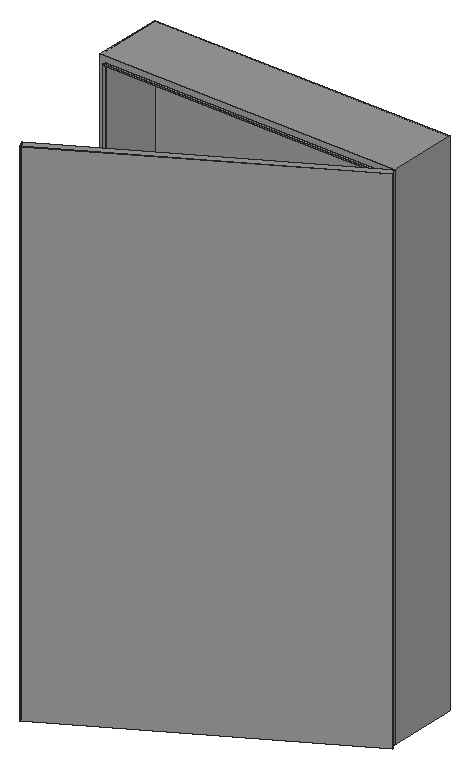
Revit family "Hager-Univers-IP44-D205-H1400-Cl.I-Encl-NoHosted-SE-en", category Equipement électrique, Revit 2020
Family settings
  Configuration du panneau = Deux colonnes, circuits au sein
  Cote de connecteur circulaire = Utiliser le diamètre
  Type d'élément = Tableau de raccordement
  Basée sur le plan de construction = Oui
  Toujours verticalement = Oui
  Couper avec des vides une fois chargée = Non
  Partagée = Non
  Point de calcul de pièce = Non
Parameters (values of type "Surface mounted (plaster) IP44 W800 H1400 D205  - FP93TN2")
  Width Control [instance] = if([EF000008 - Width] > Min Width, [EF000008 - Width], Min Width)  # 800 mm
  Commentaires du type = [HG000003 - Range]  # "Univers"
  Thickness Door [instance] = if([EF009171 - Material plate thickness door/cover] > 3 mm, 3 mm, [EF009171 - Material plate thickness door/cover])  # 1 mm
  Seal Frame Offset [instance] = 17 mm  # constant formula
  Plinth Visibility [instance] = [HG000027 - Plinth height] > 0 mm  # no
  Min Width [instance] = 100 mm  # constant formula
  Min Depth [instance] = (2 * [EF009170 - Material plate thickness cabinet]) + 1 mm  # 3 mm
  Min Height [instance] = 100 mm  # constant formula
  Internal Frame Depth [instance] = (Door System Depth * 0.5)  # 9 mm
  Panel Name [instance] = ""  # (empty or 0)
  Model = ""
  HG000027 - Plinth height = 0 mm
  HG000026 - Floor standing = no
  HG000024 - Bottom section height = 600 mm
  HG000023 - Double section enclosure = no
  HG000016 - Door 3d visibility [instance] = yes
  HG000015 - Clearance visibility [instance] = no
  HG000014 - Door on the right [instance] = yes
  HG000013 - Door on the left [instance] = not([HG000014 - Door on the right])  # no
  HG000012 - Door swing angle [instance] = 30.00°
  HG000010 - Asymmetric doors = no
  HG000009 - Double swing door = no
  HG000006 - Flush mounted = no
  HG000004 - Manufacturer reference = "FP93TN2"
  HG000003 - Range = "Univers"
  HG000002 - With door or cover = yes
  Frame Offset Bottom [instance] = 10 mm  # constant formula
  Frame Offset [instance] = 15 mm  # constant formula
  EF015940 - Cover with overpressure release = no
  EF011959 - Degree of protection (NEMA) = ""
  EF009554 - Number of openings for flange plates = 6
  EF009212 - Cover model = "EV000116 - Closed"
  EF009171 - Material plate thickness door/cover = 1 mm
  EF009170 - Material plate thickness cabinet = 1 mm
  EF008873 - Nominal current (In) = 250 A
  EF007800 - Suitable for lightning protection = no
  EF006306 - With lock = no
  EF006244 - Transparent cover/door = no
  EF005474 - Degree of protection (IP) = "EV006418 - IP44"
  EF004464 - Type of door = "EV002646 - Single"
  EF004427 - Number of modules = 324
  EF004293 - Impact strength = "EV006815 - IK09"
  EF003532 - Suitable for outdoor use = no
  EF002950 - Width in number of modular spacings = 36
  EF001613 - Circuit integrity = "EV000494 - None"
  EF001596 - Material housing = "EV000179 - Steel"
  EF001131 - Internal depth = 130 mm
  EF001088 - Extension possible = yes
  EF000437 - Number of conduit inlets = 6
  EF000339 - Type of cover = "EV001012 - Cover"
  EF000266 - Number of rows = 9
  EF000218 - Built-in depth = 205 mm
  EF000118 - With mounting plate = no
  EF000116 - RAL-number = "9010"
  EF000049 - Depth = 205 mm
  EF000040 - Height = 1400 mm
  EF000008 - Width = 800 mm
  EF000007 - Colour = "EV000202 - White"
  EF000003 - Mounting method = "EV000384 - Surface mounted (plaster)"
  Door System Leaf Tolerance [instance] = 1.5 mm  # constant formula
  Door System Depth [instance] = 18 mm  # constant formula
  Door Height [instance] = Height Control - [HG000027 - Plinth height]  # 1400 mm
  Description = ""
  Default Elevation = 1219.2 mm
  Connector Offset [instance] = Height Control / 2  # 700 mm
  Fabricant = "Hager"  # constant formula
  Height Control [instance] = if([EF000040 - Height] > Min Height, [EF000040 - Height], Min Height)  # 1400 mm
  Depth Control [instance] = if([EF000049 - Depth] > Min Depth, [EF000049 - Depth], Min Depth)  # 205 mm
  Bottom Top Plate Trim [instance] = 1.5 mm  # constant formula
  Plinth height Ctrl [instance] = if([HG000027 - Plinth height] > 0 mm, [HG000027 - Plinth height], 12 mm)  # 12 mm
Types (5, lengths in mm): name | Width Control | HG000010 - Asymmetric doors | HG000009 - Double swing door | HG000004 - Manufacturer reference | EF009554 - Number of openings for flange plates | EF004464 - Type of door | EF004427 - Number of modules | EF002950 - Width in number of modular spacings | EF000437 - Number of conduit inlets | EF000008 - Width
  Surface mounted (plaster) IP44 W1050 H1400 D205  - FP94TN2 | 1050 | no | yes | "FP94TN2" | 8 | "EV003602 - Double" | 432 | 48 | 8 | 1050
  Surface mounted (plaster) IP44 W1300 H1400 D205  - FP95TN2 | 1300 | yes | yes | "FP95TN2" | 10 | "EV003602 - Double" | 540 | 60 | 10 | 1300
  Surface mounted (plaster) IP44 W300 H1400 D205  - FP91TN2 | 300 | no | no | "FP91TN2" | 2 | "EV002646 - Single" | 108 | 12 | 2 | 300
  Surface mounted (plaster) IP44 W550 H1400 D205  - FP92TN2 | 550 | no | no | "FP92TN2" | 4 | "EV002646 - Single" | 216 | 24 | 4 | 550
  Surface mounted (plaster) IP44 W800 H1400 D205  - FP93TN2 | 800 | no | no | "FP93TN2" | 6 | "EV002646 - Single" | 324 | 36 | 6 | 800
Reference planes
  plane 1 "Center (Front/Back)": y = 0
  plane 2: z = 0
  plane 3 "Center (Left/Right)": x = 0
  plane 4: y = 0
  plane 5: y = 0
  plane 6: z = 0
  plane 7: x = -400
  plane 8: x = 400
  plane 9: x = 399
  plane 10: x = -399
  plane 11: z = 0
  plane 12: z = 1
  plane 13: y = -205
  plane 14: y = -1
  plane 15: x = 0
  plane 16: y = -187
  plane 17: y = -204
  plane 18: y = -186
  plane 19: x = -384
  plane 20: x = 384
  plane 21: z = 11
  plane 22: x = -383
  plane 23: x = 383
  plane 24: z = 0
  plane 25: z = 1400
  plane 26: z = 1400
  plane 27: z = 1384
  plane 28: z = 1399
Forms (mm)
  Extrusion 1, solid, material "Hager_Steel_RAL7035_Light_Grey", detail levels medium+fine
    sketch origin (-208.679, -4572, 0) x (-1, 0, 0) y (0, -1, 0)
      loop
        line (191.321, -4385) -> (-608.679, -4385) -> (-608.679, -4572) -> (191.321, -4572) -> (191.321, -4385)
    from 0 to 1400
  Extrusion 2, void
    sketch origin (-350.771, -205, 1219.2) x (1, 0, 0) y (0, 0, 1)
      loop
        line (-48.229, 179.8) -> (-48.229, -1218.2) -> (749.771, -1218.2) -> (749.771, 179.8) -> (-48.229, 179.8)
    from -19 to -204
  Extrusion 3, void
    sketch origin (-290.084, -187, 1219.2) x (1, 0, 0) y (0, 0, 1)
      loop
        line (-93.916, -1208.2) -> (674.084, -1208.2) -> (674.084, 164.8) -> (-93.916, 164.8) -> (-93.916, -1208.2)
    from 0 to -1
  Extrusion 4, solid, material "Hager_Steel_RAL7035_Light_Grey", visible <- "Plinth Visibility", detail levels medium+fine
    sketch origin (0, 0, 0) x (1, 0, 0) y (0, 1, 0)
      loop
        line (-400, 0) -> (-400, -187) -> (400, -187) -> (400, 0) -> (-400, 0)
    from 0 to 12 <- "Plinth height Ctrl"
  Extrusion 5, solid, material "Hager_Steel_RAL7035_Light_Grey", detail levels coarse
    sketch origin (0, 0, 0) x (1, 0, 0) y (0, 1, 0)
      loop
        line (-400, 0) -> (-400, -205) -> (400, -205) -> (400, 0) -> (-400, 0)
    from 0 to 1400 <- "Height Control"
  Sweep 6, void
    path in 3D
      loop
        line (-400, -187, 12) -> (400, -187, 12) -> (400, 0, 12) -> (-400, 0, 12) -> (-400, -187, 12)
    profile origin (-400, -93.5, 12) x (1, 0, 0) y (0, 0, 1)
      loop
        line (0, 0) -> (0, -1.5) -> (1.5, -1.5)
        arc (1.5, -1.5) -> (1.061, -0.439) -> (0, 0) r 1.5
  Extrusion 7, solid, material "Hager_Steel_RAL7035_Light_Grey", detail levels fine
    sketch origin (-400, -187, 0) x (1, 0, 0) y (0, 0, 1)
      loop
        line (16, 11) -> (784, 11) -> (784, 1384) -> (16, 1384) -> (16, 11)
      loop
        line (15, 10) -> (785, 10) -> (785, 1385) -> (15, 1385) -> (15, 10)
    from 0 to 9 <- "Internal Frame Depth"
Cuts and joins
  Extrusion 2, Extrusion 3 cuts Extrusion 1
  Sweep 6 cuts Extrusion 4
Lines and regions (mm)
  Masking region 1
    outline origin (0, 0, 0) x (1, 0, 0) y (0, 1, 0)
      loop
        line (-400, 0) -> (-400, -205) -> (400, -205) -> (400, 0) -> (-400, 0)
  Masking region 2, detail levels coarse
    outline origin (-290.084, -187, 1219.2) x (-1, 0, 0) y (0, 0, 1)
      loop
        line (-690.084, -1219.2) -> (109.916, -1219.2) -> (109.916, 180.8) -> (-690.084, 180.8) -> (-690.084, -1219.2)
  Masking region 3, detail levels coarse
    outline origin (0, 0, 0) x (0, 1, 0) y (0, 0, 1)
      loop
        line (0, 0) -> (0, 1400) -> (-205, 1400) -> (-205, 0) -> (0, 0)
  Masking region 4, visible <- "Plinth Visibility", detail levels medium+fine
    outline origin (0, 0, 0) x (0, 1, 0) y (0, 0, 1)
      loop
        line (-1.5, 12) -> (-185.5, 12)
        arc (-185.5, 12) -> (-185.939, 10.939) -> (-187, 10.5) r 1.5
        line (-187, 10.5) -> (-187, 0) -> (0, 0) -> (0, 10.5)
        arc (0, 10.5) -> (-1.061, 10.939) -> (-1.5, 12) r 1.5
  Masking region 5, detail levels medium+fine
    outline origin (0, 0, 594.038) x (0, 1, 0) y (0, 0, 1)
      loop
        line (0, -594.038) -> (0, 805.962) -> (-187, 805.962) -> (-187, -594.038) -> (0, -594.038)
  Masking region 6, detail levels medium+fine
    outline origin (-359.7, -187, 1211.883) x (-1, 0, 0) y (0, 0, 1)
      loop
        line (-759.7, -1211.883) -> (40.3, -1211.883) -> (40.3, 188.117) -> (-759.7, 188.117) -> (-759.7, -1211.883)
  Masking region 7, visible <- "Plinth Visibility", detail levels medium+fine
    outline origin (-320.334, -187, 1041.368) x (-1, 0, 0) y (0, 0, 1)
      loop
        line (-720.334, -1041.368) -> (79.666, -1041.368) -> (79.666, -1030.868)
        arc (79.666, -1030.868) -> (78.606, -1030.429) -> (78.166, -1029.368) r 1.5
        line (78.166, -1029.368) -> (-718.834, -1029.368)
        arc (-718.834, -1029.368) -> (-719.273, -1030.429) -> (-720.334, -1030.868) r 1.5
        line (-720.334, -1030.868) -> (-720.334, -1041.368)
  sketch lines
    curve 1: line (-400, 0, 12) -> (-400, -187, 12)
    curve 2: line (-400, -187, 12) -> (400, -187, 12)
    curve 3: line (400, 0, 12) -> (-400, 0, 12)
    curve 4: line (400, -187, 12) -> (400, 0, 12)
Dimensions and locks
  locked: plane 1 "Center (Front/Back)" to plane 5
  "EF009170 - Material plate thickness cabinet": plane 7 to plane 10
  "EF009170 - Material plate thickness cabinet": plane 8 to plane 9
  equal spacing: plane 7, plane 3 "Center (Left/Right)", plane 8
  "Width Control": plane 7 to plane 8
  "Depth Control": plane 4 to plane 13
  "EF009170 - Material plate thickness cabinet": plane 4 to plane 14
  "Height Control": plane 25 to level
  "HG000027 - Plinth height": plane 11 to level
  "EF009170 - Material plate thickness cabinet": plane 12 to plane 11
  "EF009170 - Material plate thickness cabinet": plane 17 to plane 13
  "EF009170 - Material plate thickness cabinet": plane 18 to plane 16
  "Frame Offset Bottom": plane 21 to plane 12
  "Frame Offset": plane 10 to plane 19
  "Frame Offset": plane 9 to plane 20
  "Door System Depth": plane 16 to plane 13
  "Seal Frame Offset": plane 7 to plane 22
  "Seal Frame Offset": plane 8 to plane 23
  "EF009170 - Material plate thickness cabinet": plane 26 to plane 28
  "Frame Offset": plane 28 to plane 27
  "Connector Offset": plane 2 to connector elem
  "Bottom Top Plate Trim": profile plane to Sweep 6 sketch curve
  "Bottom Top Plate Trim": Sweep 6 sketch curve to Sweep 6 sketch curve
  "Plinth height Ctrl": Masking region 4 sketch curve to level
  "Plinth height Ctrl": Masking region 7 sketch curve to level
  "Thickness Door": Extrusion 7 sketch curve to Extrusion 7 sketch curve  (x4)
  "Bottom Top Plate Trim": radius of Sweep 6 sketch curve
  "Bottom Top Plate Trim": radius of Masking region 4 sketch curve  (x2)
  "Bottom Top Plate Trim": radius of Masking region 7 sketch curve  (x2)
  aligned and locked: Extrusion 2 sketch curve to plane 12
  aligned and locked: Extrusion 2 sketch curve to plane 9
  aligned and locked: Extrusion 2 sketch curve to plane 10
  aligned and locked: Extrusion 2 to plane 14
  aligned and locked: Extrusion 1 sketch curve to plane 4
  aligned and locked: plane 8 to Extrusion 1 sketch curve
  aligned and locked: plane 7 to Extrusion 1 sketch curve
  aligned and locked: Extrusion 2 to plane 18
  aligned and locked: Extrusion 3 sketch curve to plane 19
  aligned and locked: plane 20 to Extrusion 3 sketch curve
  aligned and locked: Extrusion 3 to Extrusion 2
  aligned and locked: Extrusion 3 sketch curve to plane 21
  aligned and locked: plane 3 "Center (Left/Right)" to nested 1
  aligned and locked: Extrusion 1 sketch curve to plane 16
  aligned and locked: Extrusion 4 sketch curve to cut or joined group of Extrusion 1, Extrusion 2, Extrusion 3
  aligned and locked: Masking region 1 sketch curve to plane 7
  aligned and locked: Masking region 1 sketch curve to plane 5
  aligned and locked: Masking region 1 sketch curve to plane 8
  aligned and locked: Masking region 2 sketch curve to level
  aligned and locked: level to Masking region 3 sketch curve
  aligned and locked: plane 1 "Center (Front/Back)" to Masking region 3 sketch curve
  aligned and locked: plane 13 to Masking region 3 sketch curve
  aligned and locked: plane 5 to Masking region 4 sketch curve
  aligned and locked: Masking region 2 sketch curve to plane 8
  aligned and locked: Masking region 2 sketch curve to plane 7
  aligned and locked: plane 7 to nested 2
  aligned and locked: nested 2 to plane 5
  aligned and locked: plane 5 to Masking region 5 sketch curve
  aligned and locked: plane 26 to Masking region 5 sketch curve
  aligned and locked: Extrusion 5 sketch curve to plane 8
  aligned and locked: Extrusion 5 sketch curve to plane 7
  aligned and locked: Extrusion 5 sketch curve to plane 5
  aligned and locked: Extrusion 3 sketch curve to plane 27
  aligned and locked: Extrusion 2 sketch curve to plane 28
  aligned and locked: Masking region 2 to plane 25
  aligned and locked: Extrusion 4 to plane 16
  aligned and locked: profile plane to Sweep 6 sketch curve
  aligned and locked: Masking region 5 sketch curve to plane 24
  aligned and locked: level to Masking region 4 sketch curve
  aligned and locked: Masking region 1 to plane 13
  aligned and locked: nested 1 to plane 16
  aligned and locked: Masking region 3 to plane 25
  aligned and locked: plane 16 to Masking region 4 sketch curve
  aligned and locked: Masking region 5 sketch curve to plane 16
  aligned and locked: plane 24 to plane 11
  aligned and locked: plane 26 to plane 25
  aligned and locked: plane 26 to cut or joined group of Extrusion 1, Extrusion 2, Extrusion 3
  aligned and locked: nested 1 to plane 24
  aligned and locked: Extrusion 1 to Extrusion 3
  aligned and locked: Masking region 6 sketch curve to plane 8
  aligned and locked: Masking region 6 sketch curve to plane 24
  aligned and locked: Masking region 6 sketch curve to plane 7
  aligned and locked: Masking region 6 sketch curve to plane 26
  aligned and locked: Masking region 7 sketch curve to plane 7
  aligned and locked: level to Masking region 7 sketch curve
  aligned and locked: Masking region 7 sketch curve to plane 8
  aligned and locked: Extrusion 7 sketch curve to cut or joined group of Extrusion 1, Extrusion 2, Extrusion 3  (x4)
Automatic sketch dimensions
  plane 19 to Extrusion 3 sketch curve = 0 mm
  Extrusion 3 sketch curve to plane 20 = 0 mm
  Extrusion 3 sketch curve to plane 21 = 0 mm
  Extrusion 4 sketch curve to plane 7 = 0 mm
  Extrusion 4 sketch curve to plane 8 = 0 mm
  Extrusion 4 sketch curve to plane 16 = 0 mm
  Masking region 1 sketch curve to plane 13 = 0 mm
  Masking region 2 sketch curve to plane 25 = 0 mm
  Masking region 3 sketch curve to plane 25 = 0 mm
  Extrusion 5 sketch curve to plane 13 = 0 mm
  profile plane to Sweep 6 sketch curve = 0 mm
Nested families
  nested 1: "EC000058_Univers_Door" at (0, -187, 0), Double <- "HG000009 - Double swing door", Transparent <- "EF006244 - Transparent cover/door", Angle <- "HG000012 - Door swing angle", Door_Right <- "HG000014 - Door on the right", Assymetrical <- "HG000010 - Asymmetric doors", Door <- "HG000002 - With door or cover", Width_Ctrl <- "Width Control", 3d_Door <- "HG000016 - Door 3d visibility", Clearance <- "HG000015 - Clearance visibility", Door_Left <- "HG000013 - Door on the left", Width <- "Width Control", Door_Depth <- "Door System Depth", Leaf_Tolerance <- "Door System Leaf Tolerance", Height <- "Door Height", Lock_Visibility <- "EF006306 - With lock", Thickness <- "Thickness Door", type "EC000058_Univers_Door", detail levels medium+fine
    with min_wh 3 mm, Width_Ctrl 800 mm, Width 800 mm, Transparent no, Thickness 1 mm, Seal_Material Hager_Rubber, Lock_Visibility no, Lock_Material Hager_Plastic_RAL9005_Jet_Black, Leaf_Width 800 mm, Leaf_Tolerance_External_Sides 0 mm, Leaf_Tolerance 1.5 mm, Leaf_Offset 0 mm, Leaf_Height 1397 mm, Leaf_2_Width 800 mm, Leaf_2_Offset 400 mm, Leaf_1_Width 800 mm, Leaf_1_Offset 400 mm, Height_Ctrl 1400 mm, Height 1400 mm, Glass_Material Hager_Glass, Double_Clearance_Ctrl no, Double no, Door_Right_Ctrl yes, Door_Right yes, Door_Material Hager_Steel_RAL7035_Light_Grey, Door_Left_Ctrl no, Door_Left no, Door_Depth 18 mm, Door yes, Clearance_Material Hager_Clearance, Clearance_Depth 800 mm, Clearance_Ctrl no, Clearance no, Assymetrical no, Angle 30.00°, 3d_Door yes
  nested 2: "Hager_Enclosure_Symbol" at (-400, 0, 0), Height <- "Depth Control", Width <- "Width Control", type "Hager_Enclosure_Symbol"
    with Width_Ctrl 800 mm, Width 800 mm, Height_Ctrl 205 mm, Height 205 mm, A_Width_Int 13.453 mm, A_Width 161.438 mm, A_Height_Ctrl 179.375 mm, A_Height 179.375 mm
Connectors
  electrical at (0, 0, 700)
    settings: on plane 1 "Center (Front/Back)", index 1, voltage 0 V, apparent load 0 VA, apparent load phase1 0 VA, apparent load phase2 0 VA, apparent load phase3 0 VA, power factor 1, load classification "Other", number of poles 1, system type 30, power factor state 1, is connector primary yes, connector utility no, sub classification motor no, connector description ""
Definition of nested family "EC000058_Univers_Door"
  Parameters (values of type "EC000058_Univers_Door")
    min_wh [instance] = (2 * Thickness) + 1 mm  # 11 mm
    Width_Ctrl [instance] = 400 mm
    Width [instance] = 500 mm
    Transparent [instance] = yes
    Thickness [instance] = 5 mm
    Seal_Material [instance] = none
    Lock_Visibility [instance] = yes
    Lock_Material [instance] = none
    Leaf_Width [instance] = if((Width_Ctrl - 2 * Leaf_Tolerance_External_Sides) > 0 mm, (Width_Ctrl - 2 * Leaf_Tolerance_External_Sides), min_wh)  # 400 mm
    Leaf_Tolerance_External_Sides [instance] = 0 mm  # constant formula
    Leaf_Tolerance [instance] = 1.5 mm
    Leaf_Offset [instance] = 0 mm  # constant formula
    Leaf_Height [instance] = if((Height_Ctrl - 2 * Leaf_Tolerance) > 0 mm, (Height_Ctrl - 2 * Leaf_Tolerance), min_wh)  # 497 mm
    Leaf_2_Width [instance] = if(and(and(Double, Assymetrical), Door_Left), (Leaf_Width / 3) - (Leaf_Tolerance / 2), if(and(and(Double, Assymetrical), Door_Right), (Leaf_Width / 3) * 2 - (Leaf_Tolerance / 2), if(and(Double, not(Assymetrical)), (Leaf_Width / 2) - Leaf_Tolerance, Leaf_Width)))  # 400 mm
    Leaf_2_Offset [instance] = if(and(Double, Assymetrical), Leaf_2_Width / 2, if(and(Double, not(Assymetrical)), Leaf_Width / 4, Leaf_Width / 2))  # 200 mm
    Leaf_1_Width [instance] = if(and(and(Double, Assymetrical), Door_Right), (Leaf_Width / 3) - (Leaf_Tolerance / 2), if(and(and(Double, Assymetrical), Door_Left), (Width / 3) * 2 - (Leaf_Tolerance / 2), if(and(Double, not(Assymetrical)), (Leaf_Width / 2) - Leaf_Tolerance, Leaf_Width)))  # 400 mm
    Leaf_1_Offset [instance] = if(and(Double, Assymetrical), Leaf_1_Width / 2, if(and(Double, not(Assymetrical)), Leaf_Width / 4, Leaf_Width / 2))  # 200 mm
    Height_Ctrl [instance] = if(Height > min_wh, Height, min_wh)  # 500 mm
    Height [instance] = 500 mm
    Glass_Material [instance] = none
    Double_Clearance_Ctrl [instance] = and(Double, Clearance)  # no
    Double [instance] = no
    Door_Right_Ctrl [instance] = and(or(Door_Right, Double), Door)  # yes
    Door_Right [instance] = yes
    Door_Material [instance] = none
    Door_Left_Ctrl [instance] = and(or(Door_Left, Double), Door)  # no
    Door_Left [instance] = no
    Door_Depth [instance] = 30 mm
    Door [instance] = yes
    Default Elevation = 1219.2 mm
    Clearance_Material [instance] = none
    Clearance_Depth [instance] = if(Leaf_1_Width > Leaf_2_Width, Leaf_1_Width, Leaf_2_Width)  # 400 mm
    Clearance_Ctrl [instance] = and(not(Double), Clearance)  # yes
    Clearance [instance] = yes
    Assymetrical [instance] = yes
    Angle [instance] = 30.00°
    3d_Door [instance] = yes
  Reference planes
    plane 1 "Center (Front/Back)": y = 0
    plane 2 "Bottom": z = 0
    plane 3 "Center (Left/Right)": x = 0
    plane 4: z = 500
    plane 5: x = -200
    plane 6: x = 200
    plane 7: z = 500
    plane 8: x = -200
    plane 9: z = 0
    plane 10: x = 200
    plane 11: y = 0
    plane 12: z = 1.5
    plane 13: x = -600
    plane 14: y = -400
    plane 15: x = 600
    plane 16: x = 0
    plane 17: x = 0
    plane 18: x = -200
    plane 19: x = 200
    plane 20: z = 498.5
  Forms (mm)
    Extrusion 1, solid, material <- "Clearance_Material", visible <- "Double_Clearance_Ctrl"
      sketch origin (1200, 0, 0) x (1, 0, 0) y (0, 0, -1)
        loop
          line (-1800, -498.5) -> (-600, -498.5) -> (-600, 0) -> (-1800, 0) -> (-1800, -498.5)
      from 0 to -400
  Dimensions and locks
    equal spacing: plane 5, plane 3 "Center (Left/Right)", plane 6
    "Width_Ctrl": plane 5 to plane 6
    "Leaf_Offset": plane 5 to plane 8
    "Leaf_Offset": plane 6 to plane 10
    "Leaf_Offset": plane 9 to level
    "Leaf_Offset": plane 4 to plane 7
    "Height_Ctrl": plane 4 to level
    "Leaf_Tolerance": plane 12 to plane 9
    locked: plane 11 to plane 1 "Center (Front/Back)"
    "Leaf_1_Offset": plane 18 to plane 16
    "Leaf_2_Offset": plane 17 to plane 19
    "Leaf_1_Width": plane 13 to plane 8
    "Leaf_2_Width": plane 10 to plane 15
    "Clearance_Depth": plane 14 to plane 1 "Center (Front/Back)"
    "Leaf_Tolerance_External_Sides": plane 8 to plane 18
    "Leaf_Tolerance_External_Sides": plane 19 to plane 10
    "Leaf_Tolerance": plane 7 to plane 20
    aligned and locked: level to plane 2 "Bottom"
    aligned and locked: nested 1 to plane 16
    aligned and locked: nested 2 to plane 17
    aligned and locked: Extrusion 1 to plane 13
    aligned and locked: plane 15 to Extrusion 1
    aligned and locked: Extrusion 1 to plane 14
    aligned and locked: plane 12 to nested 1
    aligned and locked: nested 2 to plane 12
    aligned and locked: Extrusion 1 to plane 11
    aligned and locked: plane 20 to Extrusion 1
    aligned and locked: nested 2 to plane 11
    aligned and locked: nested 1 to plane 11
  Automatic sketch dimensions
    Extrusion 1 sketch curve to level = 0 mm
    plane 5 to Extrusion 1 sketch curve = 400 mm
    plane 6 to Extrusion 1 sketch curve = 400 mm
    Extrusion 1 sketch curve to plane 4 = 1.5 mm
  Nested families
    nested 1: "EC000058_Univers_Door_Leaf" at (0, 0, 1.5), Width <- "Leaf_1_Width", visible <- "Door_Left_Ctrl", Leaf_Height <- "Leaf_Height", Angle <- "Angle", 3d_Door <- "3d_Door", Transparent <- "Transparent", Clearance Material <- "Clearance_Material", Clearance <- "Clearance_Ctrl", Door_Material <- "Door_Material", Glass_Material <- "Glass_Material", Door_Depth <- "Door_Depth", Lock_Material <- "Lock_Material", Seal_Material <- "Seal_Material", Lock_Visibility <- "Lock_Visibility", Thickness <- "Thickness", type "EC000058_Univers_Door_Leaf"
      with Width 400 mm, Transparent_Glass_Offset 30 mm, Transparent_Ctrl yes, Transparent yes, Thickness 5 mm, Standard no, Seal_Material none, Seal_D2 8 mm, Seal_D1 1 mm, Offset_Internal_Frame 10 mm, Lock_Width 20 mm, Lock_Visibility_3d yes, Lock_Visibility yes, Lock_Thickness_3 3 mm, Lock_Thickness_2 1 mm, Lock_Thickness_1 3 mm, Lock_Radius_Offset_2 16 mm, Lock_Radius_Offset_1 15 mm, Lock_Radius_2 5 mm, Lock_Radius 6 mm, Lock_Offset 5 mm, Lock_Material none, Lock_Height 80 mm, Lock_Cover_Top_Offset_2d 17 mm, Lock_Cover_Height -65 mm, Leaf_Height 497 mm, Internal_Seal_Thickness 8 mm, Internal_Seal_Depth_2 4.5 mm, Internal_Frame_Depth 25 mm, Glass_Thickness -1 mm, Glass_Offset -2 mm, Glass_Material none, Door_Material none, Door_Depth 30 mm, Clearance Material none, Clearance yes, Angle_Ctrl 30.00°, Angle 30.00°, 3d_Door yes
    nested 2: "EC000058_Univers_Door_Leaf" at (0, 0, 1.5) x (-1, 0, 0) z (0, 0, 1), Width <- "Leaf_2_Width", visible <- "Door_Right_Ctrl", Leaf_Height <- "Leaf_Height", Angle <- "Angle", 3d_Door <- "3d_Door", Transparent <- "Transparent", Clearance Material <- "Clearance_Material", Clearance <- "Clearance_Ctrl", Door_Material <- "Door_Material", Glass_Material <- "Glass_Material", Door_Depth <- "Door_Depth", Lock_Material <- "Lock_Material", Seal_Material <- "Seal_Material", Lock_Visibility <- "Lock_Visibility", Thickness <- "Thickness", type "EC000058_Univers_Door_Leaf"
      with Width 400 mm, Transparent_Glass_Offset 30 mm, Transparent_Ctrl yes, Transparent yes, Thickness 5 mm, Standard no, Seal_Material none, Seal_D2 8 mm, Seal_D1 1 mm, Offset_Internal_Frame 10 mm, Lock_Width 20 mm, Lock_Visibility_3d yes, Lock_Visibility yes, Lock_Thickness_3 3 mm, Lock_Thickness_2 1 mm, Lock_Thickness_1 3 mm, Lock_Radius_Offset_2 16 mm, Lock_Radius_Offset_1 15 mm, Lock_Radius_2 5 mm, Lock_Radius 6 mm, Lock_Offset 5 mm, Lock_Material none, Lock_Height 80 mm, Lock_Cover_Top_Offset_2d 17 mm, Lock_Cover_Height -65 mm, Leaf_Height 497 mm, Internal_Seal_Thickness 8 mm, Internal_Seal_Depth_2 4.5 mm, Internal_Frame_Depth 25 mm, Glass_Thickness -1 mm, Glass_Offset -2 mm, Glass_Material none, Door_Material none, Door_Depth 30 mm, Clearance Material none, Clearance yes, Angle_Ctrl 30.00°, Angle 30.00°, 3d_Door yes
  Definition of nested family "EC000058_Univers_Door_Leaf"
    Parameters (values of type "EC000058_Univers_Door_Leaf")
      Width [instance] = 2000 mm
      Transparent_Glass_Offset [instance] = 30 mm
      Transparent_Ctrl [instance] = and(Transparent, [3d_Door])  # yes
      Transparent [instance] = yes
      Thickness [instance] = 5 mm
      Standard [instance] = and(not(Transparent), [3d_Door])  # no
      Seal_Material [instance] = none
      Seal_D2 [instance] = 8 mm  # constant formula
      Seal_D1 [instance] = 1 mm  # constant formula
      Offset_Internal_Frame [instance] = 10 mm  # constant formula
      Lock_Width [instance] = 20 mm  # constant formula
      Lock_Visibility_3d [instance] = and(Lock_Visibility, [3d_Door])  # yes
      Lock_Visibility [instance] = yes
      Lock_Thickness_3 [instance] = 3 mm  # constant formula
      Lock_Thickness_2 [instance] = 1 mm  # constant formula
      Lock_Thickness_1 [instance] = 3 mm  # constant formula
      Lock_Radius_Offset_2 [instance] = Lock_Radius_Offset_1 + 1 mm  # 16 mm
      Lock_Radius_Offset_1 [instance] = 15 mm  # constant formula
      Lock_Radius_2 [instance] = Lock_Radius - 1 mm  # 5 mm
      Lock_Radius [instance] = 6 mm  # constant formula
      Lock_Offset [instance] = 5 mm  # constant formula
      Lock_Material [instance] = none
      Lock_Height [instance] = 80 mm  # constant formula
      Lock_Cover_Top_Offset_2d [instance] = Lock_Radius_Offset_2 + 1 mm  # 17 mm
      Lock_Cover_Height [instance] = -(Lock_Height - Lock_Radius_Offset_1)  # -65 mm
      Leaf_Height [instance] = 2720.336 mm
      Internal_Seal_Thickness [instance] = 8 mm  # constant formula
      Internal_Seal_Depth_2 [instance] = 4.5 mm  # constant formula
      Internal_Frame_Depth [instance] = if(Door_Depth - Thickness > 5 mm, Door_Depth - Thickness, 5 mm)  # 25 mm
      Glass_Thickness [instance] = if(Thickness > 15 mm, Glass_Offset + 10 mm, -1 mm)  # -1 mm
      Glass_Offset [instance] = if(Thickness > 15 mm, -(Thickness + 10 mm) / 2, -2 mm)  # -2 mm
      Glass_Material [instance] = none
      Door_Material [instance] = none
      Door_Depth [instance] = 30 mm
      Default Elevation = 0 mm
      Clearance Material [instance] = none
      Clearance [instance] = yes
      Angle_Ctrl [instance] = if(Angle > 180.00°, 180.00°, Angle)  # 90.00°
      Angle [instance] = 90.00°
      3d_Door [instance] = yes
    Reference planes
      plane 1 "Center (Front/Back)": y = 0
      plane 2: z = 0
      plane 3 "Center (Left/Right)": x = 0
      plane 4: y = 2000
      plane 5: x = -1000
      plane 6: x = 1000
      plane 7: x = -3000
      plane 8: z = 2720.336
      plane 9: z = 30
      plane 10: z = 2690.336
      plane 11: x = 970
      plane 12: x = -970
      plane 13: y = -3
      plane 14: z = 107.833
      plane 15: y = -5
      plane 16: y = -223.314
      plane 17: x = -1000
      plane 18: z = 1360.168
      plane 19: y = 30
    Forms (mm)
      Extrusion 1, solid, material <- "Clearance Material", visible <- "Clearance"
        sketch origin (0, 0, 0) x (1, 0, 0) y (0, 0, 1)
          loop
            line (-3000, 2720.336) -> (-3000, 0) -> (1000, 0) -> (1000, 2720.336) -> (-3000, 2720.336)
        from 0 to -2000
      Extrusion 2, solid, material <- "Door_Material", visible <- "Standard", detail levels medium+fine
        sketch origin (-1000, 0, 0) x (0, 1, 0) y (-1, 0, 0)
          loop
            line (0, 30) -> (0, 25) -> (2000, 25) -> (2000, 30) -> (0, 30)
        from 0 to 2720.336 <- "Leaf_Height"
      Extrusion 3, solid, material <- "Door_Material", visible <- "Transparent_Ctrl", detail levels medium+fine
        sketch origin (-1000, 0, 0) x (0, 1, 0) y (-1, 0, 0)
          loop
            line (0, 25) -> (2000, 25) -> (2000, 30) -> (0, 30) -> (0, 25)
        from 0 to 2720.336 <- "Leaf_Height"
      Extrusion 4, void
        sketch origin (-1025, 2000, 0) x (0, 1, 0) y (0, 0, -1)
          loop
            line (-30, -2690.336) -> (-30, -30) -> (-1970, -30) -> (-1970, -2690.336) -> (-30, -2690.336)
        from 0 to 5 <- "Thickness"
      Sweep 5, solid, material <- "Seal_Material", visible <- "Transparent_Ctrl", detail levels fine
        path in 3D
          loop
            line (-1025, 30, 30) -> (-1025, 30, 2690.336) -> (-1025, 1970, 2690.336) -> (-1025, 1970, 30) -> (-1025, 30, 30)
        profile origin (-1025, 1000, 30) x (1, 0, 0) y (0, 0, 1)
          loop
            line (0, 0) -> (0, -8) -> (1, -8) -> (1, 0) -> (0, 0)
      Extrusion 6, solid, material <- "Glass_Material", visible <- "Transparent_Ctrl", detail levels medium+fine
        sketch origin (-1030, 0, 0) x (0, 1, 0) y (0, 0, -1)
          loop
            line (1970, -2690.336) -> (1970, -30) -> (30, -30) -> (30, -2690.336) -> (1970, -2690.336)
        from -2 <- "Glass_Offset" to -1 <- "Glass_Thickness"
      Extrusion 7, solid, material <- "Door_Material", visible <- "3d_Door", detail levels medium+fine
        sketch origin (-1025, 2000, 0) x (0, -1, 0) y (0, 0, -1)
          loop
            line (0, -2720.336) -> (2000, -2720.336) -> (2000, 0) -> (0, 0) -> (0, -2720.336)
          loop
            line (1995, -5) -> (5, -5) -> (5, -2715.336) -> (1995, -2715.336) -> (1995, -5)
        from 0 to 25 <- "Internal_Frame_Depth"
      Sweep 8, solid, material <- "Seal_Material", visible <- "Transparent_Ctrl", detail levels fine
        path in 3D
          loop
            line (-1025, 0, 0) -> (-1025, 2000, 0) -> (-1025, 2000, 2720.336) -> (-1025, 0, 2720.336) -> (-1025, 0, 0)
        profile origin (-1025, 0, 1360.168) x (1, 0, 0) y (0, 1, 0)
          loop
            line (0, 10) -> (2.975, 10)
            arc (2.975, 10) -> (4.053, 10.447) -> (4.5, 11.525) r 1.525
            line (4.5, 11.525) -> (4.5, 16.527)
            arc (4.5, 16.527) -> (4.069, 17.569) -> (3.027, 18) r 1.473
            line (3.027, 18) -> (0, 18) -> (0, 10)
      Extrusion 9, solid, material <- "Lock_Material", visible <- "Lock_Visibility_3d", detail levels fine
        sketch origin (-1030, 0, 0) x (0, 1, 0) y (0, 0, -1)
          loop
            arc (1993.5, -1400.168) -> (1994.561, -1399.729) -> (1995, -1398.668) r 1.5
            line (1995, -1398.668) -> (1995, -1320.168) -> (1975, -1320.168) -> (1975, -1398.668)
            arc (1975, -1398.668) -> (1975.439, -1399.729) -> (1976.5, -1400.168) r 1.5
            line (1976.5, -1400.168) -> (1993.5, -1400.168)
        from 3 <- "Lock_Thickness_1" to 0
      Blend 10, solid, material <- "Lock_Material", visible <- "Lock_Visibility_3d", detail levels fine
        base sketch origin (-1033, 0, 0) x (0, 1, 0) y (0, 0, -1)
          loop
            line (1975, -1320.168) -> (1975, -1398.668)
            arc (1975, -1398.668) -> (1975.439, -1399.729) -> (1976.5, -1400.168) r 1.5
            line (1976.5, -1400.168) -> (1993.5, -1400.168)
            arc (1993.5, -1400.168) -> (1994.561, -1399.729) -> (1995, -1398.668) r 1.5
            line (1995, -1398.668) -> (1995, -1320.168) -> (1975, -1320.168)
        top sketch origin (-1033, 0, 0) x (0, 1, 0) y (0, 0, -1)
          loop
            line (1976, -1320.168) -> (1976, -1398.668)
            arc (1976, -1398.668) -> (1976.146, -1399.022) -> (1976.5, -1399.168) r 0.5
            line (1976.5, -1399.168) -> (1993.5, -1399.168)
            arc (1993.5, -1399.168) -> (1993.854, -1399.022) -> (1994, -1398.668) r 0.5
            line (1994, -1398.668) -> (1994, -1320.168) -> (1976, -1320.168)
        from 0 to 1 <- "Lock_Thickness_2"
      Blend 11, solid, material <- "Lock_Material", visible <- "Lock_Visibility_3d", detail levels fine
        base sketch origin (-1034, 0, 0) x (0, 1, 0) y (0, 0, -1)
          loop
            line (1978, -1320.168) -> (1978, -1384.168)
            arc (1978, -1384.168) -> (1985, -1391.168) -> (1992, -1384.168) r 7
            line (1992, -1384.168) -> (1992, -1320.168) -> (1978, -1320.168)
        top sketch origin (-1034, 0, 0) x (0, 1, 0) y (0, 0, -1)
          loop
            line (1991, -1320.168) -> (1979, -1320.168) -> (1979, -1383.168)
            arc (1979, -1383.168) -> (1985, -1389.168) -> (1991, -1383.168) r 6
            line (1991, -1383.168) -> (1991, -1320.168)
        from 0 to 3 <- "Lock_Thickness_3"
      Extrusion 12, solid, material <- "Lock_Material", visible <- "Lock_Visibility_3d", detail levels fine
        sketch origin (-1030, 1975, 1320.168) x (1, 0, 0) y (0, -1, 0)
          loop
            line (-7, -19) -> (-7, -1) -> (0, -1) -> (0, 0) -> (-8, 0) -> (-8, -20) -> (0, -20) -> (0, -19) -> (-7, -19)
        from 0 to -65 <- "Lock_Cover_Height"
      Extrusion 13, void
        sketch origin (-1038, 1995, 1320.168) x (-1, 0, 0) y (0, 0, -1)
          loop
            line (-5, -65) -> (0, -65) -> (-5, -60) -> (-5, -65)
        from 0 to 20 <- "Lock_Width"
      Extrusion 14, void
        sketch origin (-1038, 1975, 1320.168) x (0, -1, 0) y (0, 0, -1)
          loop
            circle (-10, -15.995) r 6
          loop
            circle (-10, -15.995) r 5
        from 0 to 2
      Extrusion 15, solid, material <- "Lock_Material", visible <- "Lock_Visibility_3d", detail levels medium
        sketch origin (-1030, 0, 0) x (0, 1, 0) y (0, 0, -1)
          loop
            arc (1993.5, -1400.168) -> (1994.561, -1399.729) -> (1995, -1398.668) r 1.5
            line (1995, -1398.668) -> (1995, -1320.168) -> (1975, -1320.168) -> (1975, -1398.668)
            arc (1975, -1398.668) -> (1975.439, -1399.729) -> (1976.5, -1400.168) r 1.5
            line (1976.5, -1400.168) -> (1993.5, -1400.168)
        from 8 to 0
    Cuts and joins
      Extrusion 4 cuts Extrusion 3
      Extrusion 13, Extrusion 14 cuts Extrusion 9
      Extrusion 14 cuts Blend 11
      Extrusion 13, Extrusion 14 cuts Extrusion 12
      joined: Extrusion 9, Blend 10, Blend 11, Extrusion 12
      Extrusion 14 cuts Extrusion 15
    Lines and regions (mm)
      Masking region 1, visible <- "Lock_Visibility", detail levels fine
        outline origin (0, 0, 0) x (0, 1, 0) y (0, 0, 1)
          loop
            line (30, 1320.168) -> (33, 1320.168) -> (33, 1400.168) -> (30, 1400.168) -> (30, 1320.168)
      Masking region 2, visible <- "Lock_Visibility", detail levels fine
        outline origin (0, 3.143, 0) x (0, 1, 0) y (0, 0, 1)
          loop
            line (29.857, 1354.168) -> (30.857, 1354.168) -> (30.857, 1366.168) -> (29.857, 1366.168) -> (29.857, 1354.168)
      Masking region 3, detail levels medium+fine
        outline origin (0, 0, 0) x (0, 1, 0) y (0, 0, 1)
          loop
            line (0, 0) -> (30, 0) -> (30, 2720.336) -> (0, 2720.336) -> (0, 0)
      Masking region 4, detail levels medium+fine
        outline origin (0, 0, 0) x (1, 0, 0) y (0, 0, 1)
          loop
            line (-1000, 2720.336) -> (-1000, 0) -> (1000, 0) -> (1000, 2720.336) -> (-1000, 2720.336)
      Masking region 5, visible <- "Lock_Visibility", detail levels fine
        outline origin (-47.116, 0, 0) x (1, 0, 0) y (0, 0, 1)
          loop
            arc (1024.616, 1399.168) -> (1023.556, 1398.729) -> (1023.116, 1397.668) r 1.5
            line (1023.116, 1397.668) -> (1023.116, 1320.168) -> (1041.116, 1320.168) -> (1041.116, 1397.668)
            arc (1041.116, 1397.668) -> (1040.677, 1398.729) -> (1039.616, 1399.168) r 1.5
            line (1039.616, 1399.168) -> (1024.616, 1399.168)
      Masking region 6, visible <- "Lock_Visibility", detail levels medium+fine
        outline origin (-25, 0, 0) x (1, 0, 0) y (0, 0, 1)
          loop
            arc (1001.5, 1400.168) -> (1000.439, 1399.729) -> (1000, 1398.668) r 1.5
            line (1000, 1398.668) -> (1000, 1320.168) -> (1020, 1320.168) -> (1020, 1398.668)
            arc (1020, 1398.668) -> (1019.561, 1399.729) -> (1018.5, 1400.168) r 1.5
            line (1018.5, 1400.168) -> (1001.5, 1400.168)
      Masking region 7, visible <- "Lock_Visibility", detail levels fine
        outline origin (-73.735, 0, 0) x (1, 0, 0) y (0, 0, 1)
          loop
            line (1051.735, 1382.168) -> (1065.735, 1382.168) -> (1065.735, 1384.168)
            arc (1065.735, 1384.168) -> (1058.735, 1391.168) -> (1051.735, 1384.168) r 7
            line (1051.735, 1384.168) -> (1051.735, 1382.168)
      Masking region 8, visible <- "Lock_Visibility", detail levels fine
        outline origin (-73.735, 0, 0) x (1, 0, 0) y (0, 0, 1)
          loop
            line (1052.735, 1382.168) -> (1064.735, 1382.168) -> (1064.735, 1383.168)
            arc (1064.735, 1383.168) -> (1058.735, 1389.168) -> (1052.735, 1383.168) r 6
            line (1052.735, 1383.168) -> (1052.735, 1382.168)
      Masking region 9, visible <- "Lock_Visibility", detail levels fine
        outline origin (-25, 0, 0) x (1, 0, 0) y (0, 0, 1)
          loop
            line (1020, 1320.168) -> (1020, 1382.168) -> (1000, 1382.168) -> (1000, 1320.168) -> (1020, 1320.168)
      Masking region 10, detail levels medium+fine
        outline origin (0, 0, 0) x (1, 0, 0) y (0, 0, 1)
          loop
            circle (985, 1335.144) r 6
      Masking region 11, detail levels fine
        outline origin (0, 0, 0) x (1, 0, 0) y (0, 0, 1)
          loop
            circle (985, 1335.144) r 5
      Masking region 12, visible <- "Lock_Visibility", detail levels fine
        outline origin (0, 12.767, 0) x (0, 1, 0) y (0, 0, 1)
          loop
            line (20.233, 1320.168) -> (21.233, 1320.168) -> (21.233, 1399.168) -> (20.233, 1400.168) -> (20.233, 1320.168)
      Masking region 13, visible <- "Lock_Visibility", detail levels fine
        outline origin (0, 13.767, -10) x (0, 1, 0) y (0, 0, 1)
          loop
            line (20.233, 1330.168) -> (23.233, 1330.168) -> (23.233, 1399.168) -> (20.233, 1402.168) -> (20.233, 1330.168)
      Masking region 14, visible <- "Lock_Visibility", detail levels fine
        outline origin (0, 12.767, -10) x (0, 1, 0) y (0, 0, 1)
          loop
            line (20.233, 1330.168) -> (25.233, 1330.168) -> (25.233, 1399.305) -> (20.233, 1394.305) -> (20.233, 1330.168)
      Masking region 15, visible <- "Lock_Visibility", detail levels medium
        outline origin (0, 0, 0) x (0, 1, 0) y (0, 0, 1)
          loop
            line (30, 1320.168) -> (38, 1320.168) -> (38, 1400.168) -> (30, 1400.168) -> (30, 1320.168)
      Masking region 16, visible <- "Lock_Visibility", detail levels fine
        outline origin (-1000, 0, 0) x (0, 1, 0) y (-1, 0, 0)
          loop
            line (1975, 30) -> (1995, 30) -> (1995, 38) -> (1975, 38) -> (1975, 30)
          loop
            line (1979, 37) -> (1976, 37) -> (1976, 34) -> (1978, 34) -> (1979, 37)
          loop
            line (1994, 37) -> (1991, 37) -> (1992, 34) -> (1994, 34) -> (1994, 37)
      Masking region 17, visible <- "Lock_Visibility", detail levels medium
        outline origin (-1000, 0, 0) x (0, 1, 0) y (-1, 0, 0)
          loop
            line (1975, 30) -> (1995, 30) -> (1995, 38) -> (1975, 38) -> (1975, 30)
      symbolic lines
        curve 1: line (1000, 0, 0) -> (-3000, 0, 0)
        curve 2: arc (1000, 0, 0) -> (-1000, 2000, 0) -> (-3000, 0, 0) r 2000
        curve 4: line (-1030, 0, 0) -> (-1030, 2000, 0)
      reference lines
        curve 3: line (-1000, 0, 0) -> (-1000, 2000, 0)
      symbolic lines, detail levels medium+fine
        curve 5: line (-1030, 2000, 0) -> (-1025, 2000, 0)
        curve 7: line (-1025, 0, 0) -> (-1030, 0, 0)
        curve 8: line (-1025, 0, 0) -> (-1000, 0, 0)
        curve 9: line (-1000, 0, 0) -> (-1000, 2000, 0)
        curve 10: line (-1000, 2000, 0) -> (-1025, 2000, 0)
      symbolic lines, detail levels fine
        curve 6: line (-1025, 2000, 0) -> (-1025, 0, 0)
      sketch lines
        curve 11: line (-1025, 0, 2720.336) -> (-1025, 0, 0)
        curve 12: line (-1025, 2000, 0) -> (-1025, 0, 0)
        curve 13: line (-1025, 2000, 2720.336) -> (-1025, 2000, 0)
        curve 14: line (-1025, 0, 2720.336) -> (-1025, 2000, 2720.336)
        curve 15: line (-1025, 1970, 30) -> (-1025, 30, 30)
        curve 16: line (-1025, 30, 30) -> (-1025, 30, 2690.336)
        curve 17: line (-1025, 1970, 2690.336) -> (-1025, 1970, 30)
        curve 18: line (-1025, 30, 2690.336) -> (-1025, 1970, 2690.336)
      symbolic lines, visible <- "Transparent", detail levels medium+fine
        curve 19: line (-970, 0, 2690.336) -> (970, 0, 2690.336)
        curve 20: line (-970, 0, 30) -> (-970, 0, 2690.336)
        curve 21: line (970, 0, 30) -> (-970, 0, 30)
        curve 22: line (970, 0, 2690.336) -> (970, 0, 30)
    Dimensions and locks
      "Width": plane 1 "Center (Front/Back)" to plane 4
      equal spacing: plane 5, plane 3 "Center (Left/Right)", plane 6
      "Width": plane 5 to plane 6
      "Width": plane 7 to plane 5
      "Leaf_Height": plane 8 to level
      "Width": curve 5 to curve 3
      "Width": curve 3 to curve 3
      plane 8 to plane 10 = 30 mm
      plane 9 to level = 30 mm
      plane 12 to plane 5 = 30 mm
      plane 6 to plane 11 = 30 mm
      Extrusion 1 to Extrusion 4 sketch curve = 30 mm
      "Transparent_Glass_Offset": curve 3 to Extrusion 4 sketch curve
      "Transparent_Glass_Offset": Extrusion 4 sketch curve to cut or joined group of Extrusion 3, Extrusion 4  (x2)
      cut or joined group of Extrusion 3, Extrusion 4 to Extrusion 6 sketch curve = 30 mm
      "Transparent_Glass_Offset": cut or joined group of Extrusion 3, Extrusion 4 to Extrusion 4 sketch curve
      "Thickness": curve 6 to curve 4
      "Thickness": Extrusion 7 sketch curve to Extrusion 7 sketch curve  (x4)
      "Door_Depth": curve 4 to curve 3
      "Offset_Internal_Frame": profile plane to Sweep 8 sketch curve
      "Internal_Seal_Thickness": Sweep 8 sketch curve to Sweep 8 sketch curve
      "Internal_Seal_Depth_2": profile plane to Sweep 8 sketch curve
      "Seal_D1": profile plane to Sweep 5 sketch curve
      "Seal_D2": profile plane to Sweep 5 sketch curve
      "Thickness": Extrusion 2 sketch curve to Extrusion 2 sketch curve
      equal spacing: Extrusion 9 sketch curve, plane 18, Extrusion 9 sketch curve  (x2)
      equal spacing: Masking region 1 sketch curve, plane 18, Masking region 1 sketch curve
      "Lock_Height": Masking region 1 sketch curve to Masking region 1 sketch curve
      "Lock_Radius": Masking region 2 sketch curve to plane 18 to Masking region 2 sketch curve
      Masking region 2 sketch curve to Masking region 1 = 1 mm
      "Door_Depth": plane 19 to plane 1 "Center (Front/Back)"
      "Lock_Thickness_1": Masking region 1 sketch curve to plane 19
      "Lock_Width": Extrusion 9 sketch curve to Extrusion 9 sketch curve
      "Lock_Height": Extrusion 9 sketch curve to Extrusion 9 sketch curve
      "Lock_Offset": cut or joined group of Extrusion 3, Extrusion 4 to Extrusion 9 sketch curve
      equal spacing: plane 8, plane 18, level
      "Lock_Radius_Offset_1": Blend 11 sketch curve to Blend 10
      locked: Blend 10 to Blend 11 sketch curve at 2  (x2)
      locked: var sketch to Blend 11 sketch curve at 1  (x2)
      "Lock_Radius_Offset_2": Blend 11 sketch curve to Blend 10
      locked: Extrusion 12 sketch curve to Extrusion 12 sketch curve at 1  (x3)
      Masking region 6 sketch curve to Masking region 6 sketch curve = 80 mm
      "Lock_Height": Masking region 6 sketch curve to Masking region 6 sketch curve
      "Lock_Width": Masking region 6 sketch curve to Masking region 6 sketch curve
      locked: Masking region 6 to Masking region 5 sketch curve at 1  (x3)
      locked: Masking region 5 to Masking region 7 sketch curve at 2  (x2)
      "Lock_Radius_Offset_1": Masking region 5 to Masking region 7 sketch curve
      "Lock_Radius_Offset_2": Masking region 5 to Masking region 8 sketch curve
      locked: Masking region 7 to Masking region 8 sketch curve at 1  (x2)
      "Lock_Cover_Top_Offset_2d": Masking region 5 to Masking region 9 sketch curve
      equal spacing: Masking region 9, Masking region 10 sketch curve, Masking region 9
      equal spacing: Masking region 9, Masking region 11 sketch curve, Masking region 9
      Extrusion 15 sketch curve to Extrusion 15 sketch curve = 80 mm
      "Lock_Width": Extrusion 15 sketch curve to Extrusion 15 sketch curve
      "Lock_Height": Extrusion 15 sketch curve to Extrusion 15 sketch curve
      equal spacing: Extrusion 15 sketch curve, plane 18, Extrusion 15 sketch curve
      "Lock_Thickness_3": Masking region 13 sketch curve to Masking region 13 sketch curve
      "Lock_Height": Masking region 12 sketch curve to Masking region 12 sketch curve
      locked: Masking region 13 sketch curve to Masking region 1 at 8
      locked: Masking region 14 sketch curve to Masking region 13 at 1
      locked: Masking region 14 sketch curve to Masking region 1 at 10.863
      "Lock_Height": Masking region 15 sketch curve to Masking region 15 sketch curve
      "Lock_Offset": Extrusion 15 sketch curve to cut or joined group of Extrusion 3, Extrusion 4
      "Lock_Offset": plane 6 to Masking region 6 sketch curve
      radius of Sweep 8 sketch curve = 1.525 mm
      radius of Sweep 8 sketch curve = 1.473 mm
      radius of Extrusion 9 sketch curve = 1.5 mm  (x2)
      "Lock_Radius": radius of Extrusion 14 sketch curve
      "Lock_Radius_2": radius of Extrusion 14 sketch curve
      "Lock_Radius": radius of Masking region 10 sketch curve
      "Lock_Radius_2": radius of Masking region 11 sketch curve
      radius of Extrusion 15 sketch curve = 1.5 mm  (x2)
      "Angle_Ctrl": angle plane 1 "Center (Front/Back)" to curve 3
      locked: Masking region 12 sketch curve to Masking region 12 sketch curve (angle 45.00°)
      locked: Masking region 13 sketch curve to Masking region 13 sketch curve (angle 45.00°)
      locked: Masking region 14 sketch curve to Masking region 14 sketch curve (angle 45.00°)
      aligned and locked: level to plane 2
      aligned and locked: Extrusion 1 to curve 1
      aligned and locked: plane 6 to Extrusion 1
      aligned and locked: Extrusion 1 to plane 1 "Center (Front/Back)"
      aligned and locked: plane 4 to Extrusion 1
      aligned and locked: plane 8 to Extrusion 1
      aligned and locked: curve 7 to Extrusion 2 sketch curve
      aligned and locked: curve 5 to Extrusion 2 sketch curve
      aligned and locked: curve 7 to Extrusion 3 sketch curve
      aligned and locked: Extrusion 3 sketch curve to curve 4
      aligned and locked: Extrusion 3 sketch curve to curve 6
      aligned and locked: Extrusion 3 sketch curve to curve 5
      aligned and locked: curve 9 to curve 3
      aligned and locked: Extrusion 7 sketch curve to cut or joined group of Extrusion 3, Extrusion 4  (x4)
      aligned and locked: plane 17 to curve 3
      aligned and locked: plane 1 "Center (Front/Back)" to curve 3
      aligned and locked: plane 17 to plane 5
      aligned and locked: Sweep 8 sketch curve to profile plane
      aligned and locked: Sweep 5 sketch curve to profile plane  (x2)
      aligned and locked: Masking region 1 to Masking region 2 sketch curve
      aligned and locked: plane 19 to Masking region 1 sketch curve
      aligned and locked: plane 1 "Center (Front/Back)" to Masking region 3 sketch curve
      aligned and locked: plane 19 to Masking region 3 sketch curve
      aligned and locked: level to Masking region 3 sketch curve
      aligned and locked: Masking region 3 sketch curve to plane 8
      aligned and locked: plane 17 to Masking region 4 sketch curve
      aligned and locked: level to Masking region 4 sketch curve
      aligned and locked: Masking region 4 sketch curve to plane 8
      aligned and locked: plane 12 to curve 20
      aligned and locked: plane 10 to curve 19
      aligned and locked: plane 11 to curve 22
      aligned and locked: curve 21 to plane 9
      aligned and locked: Extrusion 2 sketch curve to cut or joined group of Extrusion 3, Extrusion 4
      aligned and locked: Blend 10 sketch curve to Extrusion 9  (x4)
      aligned and locked: Extrusion 9 to Blend 10 sketch curve
      aligned and locked: Blend 10 to Blend 11 sketch curve
      aligned and locked: Extrusion 12 sketch curve to Blend 11
      aligned and locked: Extrusion 12 sketch curve to Extrusion 9  (x4)
      aligned and locked: Masking region 5 sketch curve to Masking region 6
      aligned and locked: Masking region 9 sketch curve to Masking region 6  (x3)
      aligned and locked: Masking region 12 sketch curve to Masking region 1
      aligned and locked: Masking region 13 sketch curve to Masking region 1
      aligned and locked: Masking region 12 to Masking region 14
      aligned and locked: Masking region 14 sketch curve to Masking region 1
      aligned and locked: Masking region 15 sketch curve to Masking region 14
      aligned and locked: Masking region 13 sketch curve to Masking region 12
      aligned and locked: Masking region 16 sketch curve to cut or joined group of Extrusion 14, Extrusion 15  (x4)
      aligned and locked: Masking region 16 sketch curve to cut or joined group of Extrusion 9, Blend 10, Blend 11, Extrusion 12, Extrusion 13, Extrusion 14  (x6)
      aligned and locked: cut or joined group of Extrusion 9, Blend 10, Blend 11, Extrusion 12, Extrusion 13, Extrusion 14 to Masking region 16 sketch curve
      aligned and locked: Masking region 17 sketch curve to cut or joined group of Extrusion 14, Extrusion 15  (x3)
      aligned and locked: Masking region 17 sketch curve to cut or joined group of Extrusion 9, Blend 10, Blend 11, Extrusion 12, Extrusion 13, Extrusion 14
      aligned and locked: Masking region 9 to Masking region 8 sketch curve
      aligned and locked: Masking region 9 to Masking region 7 sketch curve
    Automatic sketch dimensions
      plane 1 "Center (Front/Back)" to curve 2 = 0 mm
      curve 2 to plane 5 = 0 mm
      Extrusion 1 sketch curve to level = 0 mm
      Extrusion 1 sketch curve to plane 7 = 0 mm
      Extrusion 1 sketch curve to plane 6 = 0 mm
      Extrusion 1 sketch curve to plane 8 = 0 mm
      Extrusion 3 to Extrusion 6 sketch curve = 30 mm  (x4)
      Masking region 4 sketch curve to plane 6 = 0 mm
      Blend 10 sketch curve to Extrusion 9 = 1.5 mm
      Blend 10 sketch curve to Extrusion 9 = 1 mm
      Extrusion 13 sketch curve to Extrusion 12 = 0 mm  (x2)
      Extrusion 12 to Extrusion 13 sketch curve = 3 mm
      Extrusion 13 sketch curve to Extrusion 12 = 5 mm
      Extrusion 14 sketch curve to Extrusion 14 sketch curve = 0 mm  (x2)
      Extrusion 14 sketch curve to Extrusion 12 = 10 mm
      Extrusion 14 sketch curve to Extrusion 12 = 15.995 mm
      Masking region 5 sketch curve to Masking region 5 sketch curve = 1.5 mm  (x2)
      Masking region 10 sketch curve to plane 18 = 25.024 mm
      Masking region 11 sketch curve to plane 18 = 25.024 mm
      plane 19 to Masking region 14 sketch curve = 3 mm
      Masking region 16 sketch curve to Masking region 16 sketch curve = 3 mm
      curve 4 to curve 3 = 0 mm
      Blend 10 to Blend 11 sketch curve = 0 mm
      Masking region 6 sketch curve to Masking region 6 sketch curve = 1.5 mm  (x2)
      Masking region 6 sketch curve to plane 18 = 40 mm
      plane 19 to Masking region 12 sketch curve = 3 mm
      Masking region 12 sketch curve to Masking region 12 sketch curve = 1 mm
      Masking region 15 sketch curve to plane 19 = 0 mm
      Masking region 15 sketch curve to plane 18 = 40 mm
      radius of Blend 10 sketch curve to Extrusion 9 = 1 mm
Definition of nested family "Hager_Enclosure_Symbol"
  Parameters (values of type "Hager_Enclosure_Symbol")
    Width_Ctrl [instance] = if(Width > 1 mm, Width, 1 mm)  # 102.27 mm
    Width [instance] = 102.27 mm
    Height_Ctrl [instance] = if(Height > 1 mm, Height, 1 mm)  # 66.5 mm
    A_Width_Int [instance] = if(A_Width / 12 > 2 mm, A_Width / 12, 2 mm)  # 4.364 mm
    A_Width [instance] = if(A_Height_Ctrl * 0.9 > 2 mm, A_Height_Ctrl * 0.9, 2 mm)  # 52.369 mm
    A_Height_Ctrl [instance] = if(A_Height > 2 mm, A_Height, 2 mm)  # 58.188 mm
    Height [instance] = 66.5 mm
    A_Height [instance] = Height - (Height / 8)  # 58.188 mm
  Reference planes
    plane 1 "Centre (avant/arrière)": y = 0
    plane 2: z = 0
    plane 3 "Centre (gauche/droite)": x = 0
    plane 4: x = 52.369
    plane 5: y = 33.042
    plane 6: y = 41.77
    plane 7: y = 66.5
    plane 8: x = 26.184
    plane 9: y = 37.406
    plane 10: x = 102.27
    plane 11: y = 66.5
    plane 12: y = 8.313
  Lines and regions (mm)
    Filled region 1, type "Solid_Black", in view "Niveau de réf."
      outline origin (0, 0, 0) x (1, 0, 0) y (0, 1, 0)
        loop
          line (52.369, 66.5) -> (33.188, 54.536) -> (45.365, 45.006) -> (52.369, 66.5)
    Filled region 2, type "Solid_Black", in view "Niveau de réf."
      outline origin (0, 0, 0) x (1, 0, 0) y (0, 1, 0)
        loop
          line (0, 0) -> (102.27, 0) -> (102.27, 66.5) -> (0, 0)
    detail lines, in view "Niveau de réf."
      curve 1: line (0, 8.313, 0) -> (26.184, 41.77, 0)
      curve 2: line (26.184, 41.77, 0) -> (26.184, 33.042, 0)
      curve 3: line (26.184, 33.042, 0) -> (52.369, 66.5, 0)
  Dimensions and locks
    "A_Width": plane 3 "Centre (gauche/droite)" to plane 4
    equal spacing: plane 3 "Centre (gauche/droite)", plane 8, plane 4
    equal spacing: plane 6, plane 9, plane 5
    equal spacing: curve 3, Filled region 1 sketch curve, Filled region 1 sketch curve
    "Height_Ctrl": plane 1 "Centre (avant/arrière)" to plane 11
    "A_Height_Ctrl": plane 11 to plane 12
    equal spacing: plane 11, plane 9, plane 12
    "A_Width_Int": plane 6 to plane 9
    "Width_Ctrl": plane 3 "Centre (gauche/droite)" to plane 10
    angle Filled region 1 sketch curve to curve 3 = 20.00°
    angle curve 3 to Filled region 1 sketch curve = 20.00°
    locked: curve 3 to Filled region 1 sketch curve (angle 90.00°)
    aligned and locked: plane 10 to Filled region 2
    aligned and locked: plane 11 to Filled region 2 sketch curve
    aligned and locked: plane 10 to Filled region 2 sketch curve
    aligned and locked: plane 3 "Centre (gauche/droite)" to curve 1
    aligned and locked: plane 12 to curve 1
    aligned and locked: plane 7 to plane 11
  Automatic sketch dimensions
    Filled region 1 sketch curve to plane 4 = 0 mm
    Filled region 1 sketch curve to plane 7 = 0 mm
    plane 1 "Centre (avant/arrière)" to Filled region 2 sketch curve = 0 mm
    Filled region 2 sketch curve to plane 3 "Centre (gauche/droite)" = 0 mm
    curve 2 to plane 6 = 0 mm
    curve 2 to plane 8 = 0 mm
    curve 3 to plane 4 = 0 mm
    curve 2 to plane 5 = 0 mm
    curve 3 to plane 7 = 0 mm
